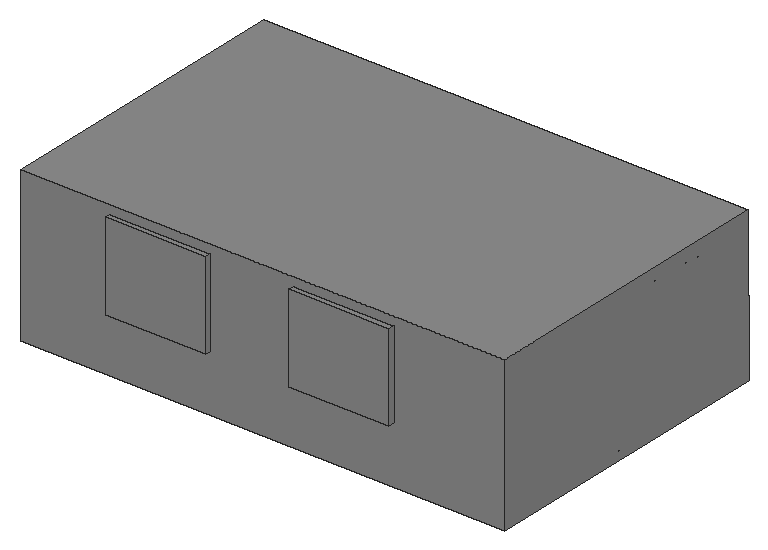
Revit family
Parameters (values of type "40RUQ25")
  Width = 2' - 4 3/16"
  Voltage = 0 V
  Version = 1
  Unit Material = Paint - Carrier - American Sterling Gray
  UV-C Germicidal Lamp [instance] = no
  URL = "www.carrier.com"
  Type Comments = "20 Tons Split System Heat Pump Indoor Unit"
  Return Air Intake Length = 6' - 10 3/4"
  Duct Width = 1' - 4 1/16"
  Duct Length = 1' - 6 3/8"
  Duct Height = 0' - 1"
  TXV Bulb Connection Size = 7/8"
  TXV Bulb Connection Radius = TXV Bulb Connection Size / 2  # 0' - 0 7/16"
  Suction Connection Size = 1 1/8"
  Suction Connection Radius = Suction Connection Size / 2  # 0' - 0 9/16"
  Subbase [instance] = no
  Steam Heating Coil [instance] = no
  Right Clearance = 2' - 6"
  Return Air Grille [instance] = no
  Programmable Thermostats [instance] = no
  Prepainted Units [instance] = no
  Overhead Suspension Package [instance] = no
  Model = "40RUQ25"
  Manufacturer = "Carrier"  # constant formula
  MOCP = 0 A
  MCA = 0 A
  Liquid Connection Size = 5/8"
  Liquid Connection Radius = Liquid Connection Size / 2  # 0' - 0 5/16"
  Length = 7' - 5"
  Left Clearance = 2' - 6"
  Hot Water Heating Coils [instance] = no
  Height = 4' - 8 1/16"
  Bottom Return Air Intake Width = 1' - 6 1/2"
  Bottom Clearance = 2' - 6"
  Fan Radius = 1' - 0"
  Electric Heat [instance] = no
  Economizer [instance] = no
  Drain Connection Size = 1 1/4"
  Drain Connection Radius = Drain Connection Size / 2  # 0' - 0 5/8"
  Disclaimer = "Manufacturer reserves the right to change, at any time, specifications and designs without notice and without obligation.  Please verify critical parameters with local Carrier commercial sales office."  # constant formula
  Discharge Plenum [instance] = no
  Condensate Drain Trap [instance] = no
  CO2 Sensors [instance] = no
  CFM Per Duct [instance] = 0 CFM
  CFM (nominal) = 0 CFM
  Top Clearance = 0' - 3"
  Back Return Air Intake Height = 1' - 5 1/4"
  Assembly Code = "D3050200"
  Alternate Fan Motors [instance] = no
  Alternate Drives [instance] = no
Types (3): name | Type Comments | Duct Width | Duct Length | Model
  (no name) | "20 Tons Split System Heat Pump Indoor Unit" | 1' - 4 1/16" | 1' - 6 3/8" | "40RUQ25"
  40RUQ16 | "15 Tons Split System Heat Pump Indoor Unit" | 1' - 4" | 1' - 6" | "40RUQ16"
  40RUQ25 | "20 Tons Split System Heat Pump Indoor Unit" | 1' - 4 1/16" | 1' - 6 3/8" | "40RUQ25"
Reference planes (in)
  plane 1 "Center (Front/Back)": y = 0
  plane 2: z = 0
  plane 3 "Center (Left/Right)": x = 0
  plane 4 "Top Face of Unit": z = 28.1875
  plane 5 "Front Face of Unit": z = 0
  plane 6 "Left Face of Unit": x = -44.5
  plane 7 "Right Face of Unit": x = 44.5
  plane 8 "Top/Back Clearance Line": z = 31.1875
  plane 9 "Left Clearance Line": x = -74.5
  plane 10 "Right Clearance Line": x = 74.5
  plane 11 "Bottom/Front Clearance Line": z = -30
  plane 12 "Front Side of Unit": y = -28.03125
  plane 13 "Bottom of Unit": z = 0
  plane 14 "Left Duct Left Edge": x = -28
  plane 15 "Right Duct Right Edge": x = -9.625
  plane 16 "Duct Back Edge": z = 26.5625
  plane 17 "Duct Front Edge": z = 10.5
  plane 18 "Duct Face": y = -29.03125
  plane 19 "Side Connections Centerline": z = 26.1875
  plane 20 "Lower Suction Connection Centerline": y = 16.96875
  plane 21 "Lower Liquid Connection Centerline": y = 13.96875
  plane 22 "Upper Liquid Connection Centerline": y = 11.96875
  plane 23 "Upper Suction Connection Centerline": y = 8.96875
  plane 24 "TXV Bulb Connection": y = 6.84375
  plane 25 "Top Power Entry Centerline": y = -16.40625
  plane 26 "Lower Power Entry Centerline": y = -14.90625
  plane 27 "Drain Connection Centerline": y = 26.90625
  plane 28 "Drain Centerline - Horizontal": z = 24.4375
  plane 29 "Front Drain Centerline Vertical": z = 2
  plane 30 "Front Drain Centerline Horizontal": y = -1.03125
  plane 31 "Back Face of Unit": y = 28.03125
  plane 32: x = 5.75
  plane 33: x = 24.125
  plane 34 "Left Edge of Intake": x = -41.375
  plane 35 "Right Edge of Intake": x = 41.375
  plane 36 "Back Edge of Intake": y = 21.28125
  plane 37 "Front Edge of Intake": y = 2.78125
  plane 38 "Top Edge of Intake": z = 20.9375
  plane 39 "Bottom Edge of Intake": z = 3.6875
Forms (in)
  Extrusion 1, solid, material "Paint - Carrier - American Sterling Gray" <- "Unit Material"
    sketch origin (0, 28.03125, 14.09375) x (1, 0, 0) y (0, 0, 1)
      loop
        line (-44.5, -14.09375) -> (44.5, -14.09375) -> (44.5, 14.09375) -> (-44.5, 14.09375) -> (-44.5, -14.09375)
    from 0 to 56.0625
  Extrusion 2, solid, material "Paint - Carrier - American Sterling Gray" <- "Unit Material", detail levels medium+fine
    sketch origin (0, -28.03125, 0) x (-1, 0, 0) y (0, 0, -1)
      loop
        line (28, -10.5) -> (9.625, -10.5) -> (9.625, -26.5625) -> (28, -26.5625) -> (28, -10.5)
    from 0 to 1
  Extrusion 3, solid, material "Paint - Carrier - American Sterling Gray" <- "Unit Material", detail levels fine
    sketch origin (44.5, 28.03125, 14.09375) x (0, 0, 1) y (0, -1, 0)
      loop
        circle (12.09375, 44.4375) r 0.4375
    from 0 to -0.5
  Extrusion 4, solid, material "Paint - Carrier - American Sterling Gray" <- "Unit Material", detail levels fine
    sketch origin (44.5, 28.03125, 14.09375) x (0, 0, 1) y (0, -1, 0)
      loop
        circle (12.09375, 42.9375) r 0.4375
    from 0 to -0.5
  Extrusion 5, solid, material "Paint - Carrier - American Sterling Gray" <- "Unit Material", detail levels fine
    sketch origin (44.5, 28.03125, 14.09375) x (0, 0, 1) y (0, -1, 0)
      loop
        circle (12.09375, 21.1875) r 0.4375
    from 0 to -0.5
  Extrusion 6, solid, material "Paint - Carrier - American Sterling Gray" <- "Unit Material", detail levels fine
    sketch origin (44.5, 28.03125, 14.09375) x (0, 0, 1) y (0, -1, 0)
      loop
        circle (12.09375, 19.0625) r 0.875
    from 0 to -0.5
  Extrusion 7, solid, material "Paint - Carrier - American Sterling Gray" <- "Unit Material", detail levels fine
    sketch origin (44.5, 28.03125, 14.09375) x (0, 0, 1) y (0, -1, 0)
      loop
        circle (12.09375, 16.0625) r 0.5625
    from 0 to -0.5
  Extrusion 8, solid, material "Paint - Carrier - American Sterling Gray" <- "Unit Material", detail levels fine
    sketch origin (44.5, 28.03125, 14.09375) x (0, 0, 1) y (0, -1, 0)
      loop
        circle (12.09375, 14.0625) r 0.5625
    from 0 to -0.5
  Extrusion 9, solid, material "Paint - Carrier - American Sterling Gray" <- "Unit Material", detail levels fine
    sketch origin (44.5, 28.03125, 14.09375) x (0, 0, 1) y (0, -1, 0)
      loop
        circle (12.09375, 11.0625) r 0.875
    from 0 to -0.5
  Extrusion 10, solid, material "Paint - Carrier - American Sterling Gray" <- "Unit Material", detail levels fine
    sketch origin (44.5, 28.03125, 14.09375) x (0, 0, 1) y (0, -1, 0)
      loop
        circle (10.34375, 1.125) r 0.875
    from 0 to -0.5
  Extrusion 11, solid, material "Paint - Carrier - American Sterling Gray" <- "Unit Material", detail levels fine
    sketch origin (44.5, 28.03125, 14.09375) x (0, 0, 1) y (0, -1, 0)
      loop
        circle (-12.09375, 29.0625) r 0.875
    from 0 to -0.5
  Extrusion 12, solid, material "Paint - Carrier - American Sterling Gray" <- "Unit Material", detail levels medium+fine
    sketch origin (0, -28.03125, 0) x (-1, 0, 0) y (0, 0, -1)
      loop
        line (-5.75, -10.5) -> (-24.125, -10.5) -> (-24.125, -26.5625) -> (-5.75, -26.5625) -> (-5.75, -10.5)
    from 1 to 0
  Extrusion 13, solid, material "Paint - Carrier - American Sterling Gray" <- "Unit Material", detail levels medium+fine
    sketch origin (0, 0, 0) x (-1, 0, 0) y (0, -1, 0)
      loop
        line (41.375, -2.78125) -> (-41.375, -2.78125) -> (-41.375, -21.28125) -> (41.375, -21.28125) -> (41.375, -2.78125)
    from 0 to 0.5
  Extrusion 14, solid, material "Paint - Carrier - American Sterling Gray" <- "Unit Material", detail levels medium+fine
    sketch origin (0, 28.03125, 0) x (0, 0, 1) y (1, 0, 0)
      loop
        line (3.6875, -41.375) -> (20.9375, -41.375) -> (20.9375, 41.375) -> (3.6875, 41.375) -> (3.6875, -41.375)
    from 0 to -0.5
Lines and regions (in)
  symbolic lines, style "Clearance Zones", detail levels fine
    curve 1: line (-74.5, -29.03125, 0) -> (74.5, -29.03125, 0)
    curve 2: line (-74.5, 28.03125, 0) -> (-74.5, -29.03125, 0)
    curve 3: line (74.5, 28.03125, 0) -> (-74.5, 28.03125, 0)
    curve 4: line (74.5, -29.03125, 0) -> (74.5, 28.03125, 0)
  model lines, detail levels medium+fine
    curve 5: line (-42, 24.53125, 0) -> (42, 24.53125, 0)
    curve 6: line (-42, 1.25, 0) -> (-42, 24.53125, 0)
    curve 7: line (42, 1.25, 0) -> (-42, 1.25, 0)
    curve 8: line (42, 24.53125, 0) -> (42, 1.25, 0)
    curve 9: line (-42, -1.25, 0) -> (42, -1.25, 0)
    curve 10: line (-42, -25.53125, 0) -> (-42, -1.25, 0)
    curve 11: line (42, -25.53125, 0) -> (-42, -25.53125, 0)
    curve 12: line (42, -1.25, 0) -> (42, -25.53125, 0)
    curve 13: line (-44.5, 24.53125, 24.1875) -> (-44.5, 24.53125, 4)
    curve 14: line (-44.5, -25.53125, 4) -> (-44.5, -25.53125, 24.1875)
    curve 15: line (-44.5, 24.53125, 4) -> (-44.5, -25.53125, 4)
    curve 16: line (44.5, 24.53125, 4) -> (44.5, 24.53125, 24.1875)
    curve 17: line (44.5, -25.53125, 4) -> (44.5, 24.53125, 4)
    curve 18: line (44.5, -25.53125, 24.1875) -> (44.5, -25.53125, 4)
    curve 19: line (44.5, 24.53125, 24.1875) -> (44.5, -25.53125, 24.1875)
  model lines
    curve 20: line (-44.5, 24.53125, 24.1875) -> (-44.5, -25.53125, 24.1875)
Dimensions and locks (in)
  equal spacing: plane 6 "Left Face of Unit", plane 3 "Center (Left/Right)", plane 7 "Right Face of Unit"
  "Length": plane 6 "Left Face of Unit" to plane 7 "Right Face of Unit"
  "Left Clearance": plane 9 "Left Clearance Line" to plane 6 "Left Face of Unit"
  "Right Clearance": plane 7 "Right Face of Unit" to plane 10 "Right Clearance Line"
  locked: plane 6 "Left Face of Unit" to plane 14 "Left Duct Left Edge" at 16.5
  "Duct Length": plane 14 "Left Duct Left Edge" to plane 15 "Right Duct Right Edge"
  locked: curve 10 to plane 6 "Left Face of Unit" at 2.5
  locked: plane 7 "Right Face of Unit" to curve 12 at 2.5
  locked: plane 12 "Front Side of Unit" to curve 11 at 2.5
  locked: curve 11 to curve 9 at 24.28125
  locked: curve 9 to curve 7 at 2.5
  curve 15 to plane 5 "Front Face of Unit" = 0' - 4"
  plane 12 "Front Side of Unit" to curve 14 = 0' - 2 1/2"
  locked: plane 19 "Side Connections Centerline" to plane 4 "Top Face of Unit" at 2
  locked: plane 28 "Drain Centerline - Horizontal" to plane 4 "Top Face of Unit" at 3.75
  locked: plane 5 "Front Face of Unit" to plane 29 "Front Drain Centerline Vertical" at 2
  locked: curve 20 to plane 4 "Top Face of Unit" at 4
  locked: plane 31 "Back Face of Unit" to curve 13 at 3.5
  "Width": plane 4 "Top Face of Unit" to plane 13 "Bottom of Unit"
  locked: plane 27 "Drain Connection Centerline" to plane 31 "Back Face of Unit" at 1.125
  locked: plane 20 "Lower Suction Connection Centerline" to plane 31 "Back Face of Unit" at 11.0625
  locked: plane 21 "Lower Liquid Connection Centerline" to plane 31 "Back Face of Unit" at 14.0625
  locked: plane 22 "Upper Liquid Connection Centerline" to plane 31 "Back Face of Unit" at 16.0625
  locked: plane 23 "Upper Suction Connection Centerline" to plane 31 "Back Face of Unit" at 19.0625
  locked: plane 24 "TXV Bulb Connection" to plane 31 "Back Face of Unit" at 21.1875
  locked: plane 26 "Lower Power Entry Centerline" to plane 31 "Back Face of Unit" at 42.9375
  locked: plane 25 "Top Power Entry Centerline" to plane 31 "Back Face of Unit" at 44.4375
  locked: plane 30 "Front Drain Centerline Horizontal" to plane 31 "Back Face of Unit" at 29.0625
  plane 4 "Top Face of Unit" to plane 16 "Duct Back Edge" = 0' - 1 5/8"
  "Duct Width": plane 16 "Duct Back Edge" to plane 17 "Duct Front Edge"
  locked: plane 15 "Right Duct Right Edge" to plane 32 at 15.375
  "Duct Length": plane 32 to plane 33
  locked: curve 5 to plane 31 "Back Face of Unit" at 3.5
  locked: plane 6 "Left Face of Unit" to plane 34 "Left Edge of Intake" at 3.125
  "Return Air Intake Length": plane 34 "Left Edge of Intake" to plane 35 "Right Edge of Intake"
  locked: plane 31 "Back Face of Unit" to plane 36 "Back Edge of Intake" at 6.75
  "Bottom Return Air Intake Width": plane 36 "Back Edge of Intake" to plane 37 "Front Edge of Intake"
  locked: Extrusion 13 to plane 13 "Bottom of Unit" at 0.5
  locked: plane 39 "Bottom Edge of Intake" to plane 13 "Bottom of Unit" at 3.6875
  "Back Return Air Intake Height": plane 38 "Top Edge of Intake" to plane 39 "Bottom Edge of Intake"
  locked: plane 31 "Back Face of Unit" to Extrusion 14 at 0.5
  radius of Extrusion 3 sketch curve = 0' - 0 7/16"
  radius of Extrusion 4 sketch curve = 0' - 0 7/16"
  radius of Extrusion 5 sketch curve = 0' - 0 7/16"
  radius of Extrusion 6 sketch curve = 0' - 0 7/8"
  radius of Extrusion 7 sketch curve = 0' - 0 9/16"
  radius of Extrusion 8 sketch curve = 0' - 0 9/16"
  radius of Extrusion 9 sketch curve = 0' - 0 7/8"
  radius of Extrusion 10 sketch curve = 0' - 0 7/8"
  radius of Extrusion 11 sketch curve = 0' - 0 7/8"
  aligned and locked: level to plane 2
  aligned and locked: plane 10 "Right Clearance Line" to curve 4
  aligned and locked: curve 2 to plane 9 "Left Clearance Line"
  aligned and locked: level to plane 13 "Bottom of Unit"
  aligned and locked: plane 4 "Top Face of Unit" to Extrusion 1 sketch curve
  aligned and locked: Extrusion 1 sketch curve to plane 6 "Left Face of Unit"
  aligned and locked: plane 7 "Right Face of Unit" to Extrusion 1
  aligned and locked: plane 5 "Front Face of Unit" to Extrusion 1
  aligned and locked: Extrusion 1 to plane 12 "Front Side of Unit"
  aligned: Extrusion 1 to plane 13 "Bottom of Unit"
  aligned and locked: plane 16 "Duct Back Edge" to Extrusion 2 sketch curve
  aligned and locked: plane 15 "Right Duct Right Edge" to Extrusion 2 sketch curve
  aligned and locked: Extrusion 2 sketch curve to plane 14 "Left Duct Left Edge"
  aligned and locked: Extrusion 2 sketch curve to plane 17 "Duct Front Edge"
  aligned and locked: Extrusion 2 to plane 12 "Front Side of Unit"
  aligned and locked: Extrusion 2 to plane 18 "Duct Face"
  aligned and locked: curve 10 to curve 6
  aligned and locked: curve 8 to curve 12
  aligned and locked: curve 14 to curve 18
  aligned and locked: curve 15 to curve 17
  aligned and locked: curve 13 to curve 16
  aligned and locked: plane 19 "Side Connections Centerline" to Extrusion 3 sketch curve
  aligned and locked: plane 25 "Top Power Entry Centerline" to Extrusion 3 sketch curve
  aligned and locked: plane 7 "Right Face of Unit" to Extrusion 3
  aligned and locked: plane 19 "Side Connections Centerline" to Extrusion 4 sketch curve
  aligned and locked: plane 26 "Lower Power Entry Centerline" to Extrusion 4 sketch curve
  aligned and locked: plane 19 "Side Connections Centerline" to Extrusion 5 sketch curve
  aligned and locked: plane 24 "TXV Bulb Connection" to Extrusion 5 sketch curve
  aligned and locked: plane 23 "Upper Suction Connection Centerline" to Extrusion 6 sketch curve
  aligned and locked: plane 19 "Side Connections Centerline" to Extrusion 6 sketch curve
  aligned and locked: plane 19 "Side Connections Centerline" to Extrusion 7 sketch curve
  aligned and locked: plane 22 "Upper Liquid Connection Centerline" to Extrusion 7 sketch curve
  aligned and locked: plane 19 "Side Connections Centerline" to Extrusion 8 sketch curve
  aligned and locked: plane 21 "Lower Liquid Connection Centerline" to Extrusion 8 sketch curve
  aligned and locked: plane 19 "Side Connections Centerline" to Extrusion 9 sketch curve
  aligned and locked: plane 20 "Lower Suction Connection Centerline" to Extrusion 9 sketch curve
  aligned and locked: plane 28 "Drain Centerline - Horizontal" to Extrusion 10 sketch curve
  aligned and locked: plane 27 "Drain Connection Centerline" to Extrusion 10 sketch curve
  aligned and locked: plane 7 "Right Face of Unit" to Extrusion 10
  aligned and locked: plane 7 "Right Face of Unit" to Extrusion 9
  aligned and locked: plane 7 "Right Face of Unit" to Extrusion 8
  aligned and locked: plane 7 "Right Face of Unit" to Extrusion 7
  aligned and locked: plane 7 "Right Face of Unit" to Extrusion 6
  aligned and locked: plane 7 "Right Face of Unit" to Extrusion 5
  aligned and locked: plane 7 "Right Face of Unit" to Extrusion 4
  aligned and locked: plane 29 "Front Drain Centerline Vertical" to Extrusion 11 sketch curve
  aligned and locked: plane 30 "Front Drain Centerline Horizontal" to Extrusion 11 sketch curve
  aligned and locked: plane 7 "Right Face of Unit" to Extrusion 11
  aligned and locked: curve 20 to curve 19
  aligned and locked: plane 31 "Back Face of Unit" to Extrusion 1
  aligned and locked: plane 16 "Duct Back Edge" to Extrusion 12 sketch curve
  aligned and locked: Extrusion 12 sketch curve to plane 32
  aligned and locked: plane 33 to Extrusion 12 sketch curve
  aligned and locked: Extrusion 12 sketch curve to plane 17 "Duct Front Edge"
  aligned and locked: plane 18 "Duct Face" to Extrusion 12
  aligned and locked: Extrusion 12 to plane 12 "Front Side of Unit"
  aligned and locked: plane 31 "Back Face of Unit" to curve 3
  aligned and locked: plane 18 "Duct Face" to curve 1
  aligned and locked: Extrusion 13 sketch curve to plane 34 "Left Edge of Intake"
  aligned and locked: plane 35 "Right Edge of Intake" to Extrusion 13 sketch curve
  aligned and locked: plane 36 "Back Edge of Intake" to Extrusion 13 sketch curve
  aligned and locked: Extrusion 13 sketch curve to plane 37 "Front Edge of Intake"
  aligned and locked: Extrusion 13 to plane 13 "Bottom of Unit"
  aligned and locked: plane 35 "Right Edge of Intake" to Extrusion 14 sketch curve
  aligned and locked: Extrusion 14 sketch curve to plane 34 "Left Edge of Intake"
  aligned and locked: plane 38 "Top Edge of Intake" to Extrusion 14 sketch curve
  aligned and locked: Extrusion 14 sketch curve to plane 39 "Bottom Edge of Intake"
  aligned and locked: plane 31 "Back Face of Unit" to Extrusion 14
Automatic sketch dimensions
  Extrusion 1 sketch curve to plane 7 "Right Face of Unit" = 0' - 0"
  Extrusion 1 sketch curve to level = 0' - 0"
Connectors (in)
  hvac at (-18.8125, -29.03125, 18.53125), driven by "Duct Length", driven by "Duct Width", driven by "CFM Per Duct"
    settings: on Extrusion 2, index 1, duct flow 0 CFM, flow factor 0, pres drop 0.00 in-wg, loss coef 0, conn angle 0.00°, conn width 18 3/8", conn height 16 1/16", conn radius 12", duct sys type 1, conn prof type 1, flow config 0, flow direction 2, loss method 0, conn ref index -1, conn util no, is conn primary yes, conn desc "Left Supply Air"
  piping at (44.5, 16.96875, 26.1875), driven by "Suction Connection Radius"
    settings: on Extrusion 9, index 3, connector radius 9/16", flow factor 0, pipe flow 0 GPM, pressure drop 0.00 psi, fitting loss kfactor 0, connector angle 0.00°, fixture units 0, flow configuration 1, flow direction 2, fitting loss method 0, system type 22, connector reference index -1, connector utility 0, adjustable connector no, is connector primary yes, fitting loss table "", connector description "Lower Suction Connection"
  piping at (44.5, 13.96875, 26.1875), driven by "Liquid Connection Radius"
    settings: on Extrusion 8, index 4, connector radius 5/16", flow factor 0, pipe flow 0 GPM, pressure drop 0.00 psi, fitting loss kfactor 0, connector angle 0.00°, fixture units 0, flow configuration 1, flow direction 1, fitting loss method 0, system type 22, connector reference index -1, connector utility 0, adjustable connector no, is connector primary no, fitting loss table "", connector description "Lower Liquid Connection"
  piping at (44.5, 11.96875, 26.1875), driven by "Liquid Connection Radius"
    settings: on Extrusion 7, index 5, connector radius 5/16", flow factor 0, pipe flow 0 GPM, pressure drop 0.00 psi, fitting loss kfactor 0, connector angle 0.00°, fixture units 0, flow configuration 1, flow direction 1, fitting loss method 0, system type 22, connector reference index -1, connector utility 0, adjustable connector no, is connector primary no, fitting loss table "", connector description "Upper Liquid Connection"
  piping at (44.5, 8.96875, 26.1875), driven by "Suction Connection Radius"
    settings: on Extrusion 6, index 6, connector radius 9/16", flow factor 0, pipe flow 0 GPM, pressure drop 0.00 psi, fitting loss kfactor 0, connector angle 0.00°, fixture units 0, flow configuration 1, flow direction 2, fitting loss method 0, system type 22, connector reference index -1, connector utility 0, adjustable connector no, is connector primary no, fitting loss table "", connector description "Upper Suction Connection"
  piping at (44.5, 6.84375, 26.1875), driven by "TXV Bulb Connection Radius"
    settings: on Extrusion 5, index 7, connector radius 7/16", flow factor 0, pipe flow 0 GPM, pressure drop 0.00 psi, fitting loss kfactor 0, connector angle 0.00°, fixture units 0, flow configuration 1, flow direction 1, fitting loss method 0, system type 22, connector reference index -1, connector utility 0, adjustable connector no, is connector primary no, fitting loss table "", connector description "TXV Bulb"
  electrical at (44.5, -16.40625, 26.1875)
    settings: on Extrusion 3, index 8, voltage 0 V, apparent load 0 VA, apparent load phase1 0 VA, apparent load phase2 0 VA, apparent load phase3 0 VA, power factor 1, load classification "Power", number of poles 3, system type 30, power factor state 1, is connector primary yes, connector utility no, sub classification motor no, connector description "Power Supply"
  electrical at (44.5, -14.90625, 26.1875)
    settings: on Extrusion 4, index 9, voltage 0 V, apparent load 0 VA, apparent load phase1 0 VA, apparent load phase2 0 VA, apparent load phase3 0 VA, power factor 1, load classification "Motor", number of poles 3, system type 30, power factor state 1, is connector primary no, connector utility no, sub classification motor no, connector description "Optional Fan Motor"
  piping at (44.5, -1.03125, 2), driven by "Drain Connection Radius"
    settings: on Extrusion 11, index 10, connector radius 5/8", flow factor 0, pipe flow 0 GPM, pressure drop 0.00 psi, fitting loss kfactor 0, connector angle 0.00°, fixture units 0, flow configuration 1, flow direction 2, fitting loss method 0, system type 16, connector reference index -1, connector utility 0, adjustable connector no, is connector primary no, fitting loss table "", connector description "Front Drain"
  hvac at (14.9375, -29.03125, 18.53125), driven by "Duct Length", driven by "Duct Width", driven by "CFM Per Duct"
    settings: on Extrusion 12, index 11, duct flow 0 CFM, flow factor 0, pres drop 0.00 in-wg, loss coef 0, conn angle 0.00°, conn width 18 3/8", conn height 16 1/16", conn radius 12", duct sys type 1, conn prof type 1, flow config 0, flow direction 2, loss method 0, conn ref index -1, conn util no, is conn primary no, conn desc "Right Supply Air"
  hvac at (0, 12.03125, 0), driven by "Return Air Intake Length", driven by "Bottom Return Air Intake Width"
    settings: on Extrusion 13, index 12, duct flow 0 CFM, flow factor 0, pres drop 0.00 in-wg, loss coef 0, conn angle 0.00°, conn width 82 3/4", conn height 18 1/2", conn radius 12", duct sys type 2, conn prof type 1, flow config 0, flow direction 1, loss method 0, conn ref index -1, conn util no, is conn primary no, conn desc "Bottom Return Air Intake"
  hvac at (0, 28.03125, 12.3125), driven by "Back Return Air Intake Height", driven by "Return Air Intake Length"
    settings: on Extrusion 14, index 13, duct flow 0 CFM, flow factor 0, pres drop 0.00 in-wg, loss coef 0, conn angle 0.00°, conn width 82 3/4", conn height 17 1/4", conn radius 12", duct sys type 2, conn prof type 1, flow config 0, flow direction 1, loss method 0, conn ref index -1, conn util no, is conn primary no, conn desc "Back Return Air Intake"
